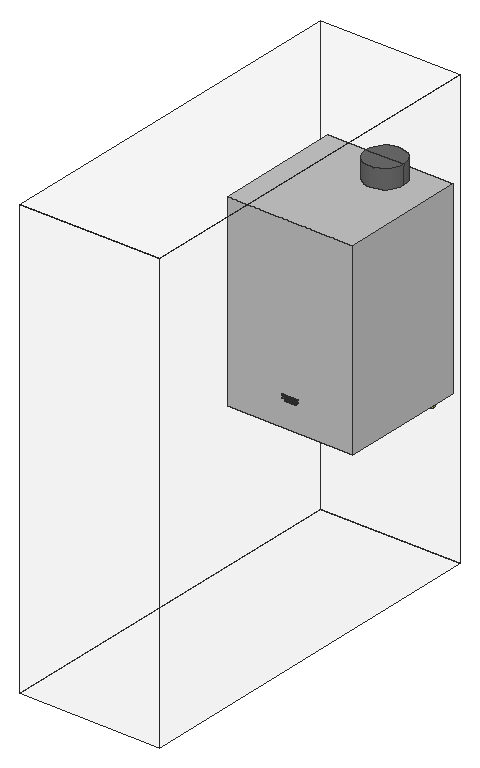
Revit family "Remeha_QuintaAce115_LOD3", category Mechanical Equipment, Revit 2016
Family settings
  Part Type = Normal
  Round Connector Dimension = Use Diameter
  OmniClass Number = 23.75.10.11.14
  OmniClass Title = Hot Water Heat Generators
  Work Plane-Based = No
  Always vertical = Yes
  Cut with Voids When Loaded = Yes
  Shared = No
  Room Calculation Point = No
Parameters (values of type "100/150 Concentric Flue Connection - 150 Connector")
  Weekly = ""
  Water Treatment Required = yes
  Water Content = 9.4 L
  Warranty ID = ""
  Voltage = 230 V
  URL = ""
  Type = "Space heating"
  Turndown Ratio = "5.46:1"
  Text Material = Paint - Black
  Supply Phase = 1
  Starting Current = 0 A
  Sound Pressure Level = "51.0"
  Shipping Weight = 76.50 kg
  Shape = "Rectangular (Vertical)"
  Safety Valve Connection Type = "Unset"
  Safety Valve Connection Size = 0.00 mm
  Responsible Sourcing of Materials = ""
  Responsible Extraction of Materials = ""
  Reference Standard = "GAR 2016/426, BED 92/42/EEC, ErP 2009/125/EC"
  Rated Output = 103900 W
  Rated Criteria = "80/60"
  Quarterly = ""
  Product Range = "Quinta Ace 115"
  Product Model Number = ""
  Product Literature = "https://www.remeha.co.uk/products/wall-hung-range/quinta-ace-30-115"
  Primary Fuel = "Gas - NG"
  Overall Width = 500.00 mm
  Overall Length = 500.00 mm
  Overall Height = 750.00 mm
  Optional Fuel = "LPG"
  Operation and Maintenance Manual = "https://www.remeha.co.uk/products/wall-hung-range/quinta-ace-30-115"
  Oil Consumption rate = 0
  Nominal Oil Inlet Pressure = 0.00000 bar
  Nominal Gas Inlet Pressure = 0.02000 bar
  NOx Emissions = "33"
  Mounting = "Wall Mounted"
  Monthly = ""
  Model = ""
  Minimum Power Consumption = 32 W
  Minimum Operating Pressure = 0.80000 bar
  Minimum Oil Inlet Pressure = 0.00000 bar
  Minimum Gas Inlet Pressure = 0.01700 bar
  Minimum Flow Rate at 20C temperature differential = 1.24 L/s
  Minimum Flow Rate at 11C temperature differential = 2.26 L/s
  Maximum Power Consumption = 182 W
  Maximum Operating Pressure = 4.00000 bar
  Maximum Oil Inlet Pressure = 0.00000 bar
  Maximum Gas Inlet Pressure = 0.02500 bar
  Material Ingredient Reporting = ""
  Manufacturer Website = "www.remeha.co.uk"
  Manufacturer = "Remeha Commercial"
  Maintenance Required 8001 to 12000hrs = ""
  Maintenance Required 601 to 1000hrs = ""
  Maintenance Required 4001 to 8000hrs = ""
  Maintenance Required 301 to 600hrs = ""
  Maintenance Required 2001 to 4000hrs = ""
  Maintenance Required 1001 to 2000hrs = ""
  Maintenance Required 0 to 300hrs = ""
  Location of Manufacturer = ""
  Load Classification = none
  Life Cycle Analysis = ""
  Interlocks = yes
  IfcExportType = "NOTDEFINED"  # constant formula
  IfcExportAs = "IfcBoilerType"  # constant formula
  IP Rating = "X4D"
  IK Rating = "Not Required"
  Hydraulic Resistance at 20C temperature differential = 0.25000 bar
  Hydraulic Resistance at 11C temperature differential = 0.82600 bar
  Heater Operation = "Condensing"
  Heat Exchanger Material = "Aluminium"
  Gross Weight = 74.60 kg
  Green Guide for Specification = ""
  Gas Consumption rate = "11.3"
  Fuse Rating = 2.5 A
  Full Load Current = 0 A
  Fuel Connection Type = "Threaded"
  Fuel Connection Size = 20.00 mm
  Frequency = 50 Hz
  Flue or Air Intake Classification = "B23P,B33,C13,C33,C53,C63,C93"
  Flue Radius = Air Inlet Connection Size / 2  # 75.00 mm
  Flue Connector Size = 150 mm
  Flue Connection size = 100.00 mm
  Flow and Return Connection Type = "Threaded"
  Flow and Return Connection Size = 32.00 mm
  Finish = "High Polish Gardner 60 GRAD 91EH"
  Features = "Remeha's Quinta Pro range are compact high efficiency wall hung condensing boilers. Lighter and more efficienct, their small size make them ideally suited to modular arrangments"
  External Material = "Steel"
  Expected Life = "15"
  ErP Seasonal Efficiency = ""
  ErP Rated Efficiency at Part Load = "97.3"
  ErP Rated Efficiency at Full Load = "87.5"
  ErP Energy Label = "0"
  Environmental Product Declaration = ""
  Energy Technology List = "0"
  Embodied Carbon = ""
  Drain Connection Type = "Unset"
  Drain Connection Size = 25.00 mm
  Description = ""
  Daily = ""
  Control Type = "'0 - 10V, Open Therm, Volt free enable, Direct boiler weather compensating control systems available from Remeha as optional extra's."
  Configuration = "Single boiler"
  Condensate Drain Type = "Plain"
  Condensate Drain Size = 32.00 mm
  Colour = "RAL 9016"
  Clearance Box Visibility [instance] = yes
  Classification.Uniclass.Pr.Number [instance] = "Pr_60_60_08_34"
  Classification.Uniclass.Pr.Description [instance] = "Gas fired Condensing Boilers"
  CE Mark = "0063CS3928"
  Burner Control Type = "Modulating"
  Building Regulations Seasonal Efficiency = "95.44"
  Bespoke Timeframe = ""
  BMS Links = yes
  Annually = "As Per Attached URL O&M Manual"
  Air Inlet Connection Size = 150.00 mm
  Additional Technical Details = "https://www.remeha.co.uk/products/wall-hung-range/quinta-ace-30-115"
  Access Clearance Top = 400.00 mm
  Access Clearance Right = 30.00 mm
  Access Clearance Rear = 0.00 mm
  Access Clearance Left = 30.00 mm
  Access Clearance Front = 1000.00 mm
  Access Clearance Bottom = 600.00 mm
  6 Monthly = ""
Types (2, lengths in mm): name | Flue Connector Size
  100/150 Conventional Flue Connection - 100 Connector | 100
  100/150 Concentric Flue Connection - 150 Connector | 150
Reference planes
  plane 1 "Center (Front/Back)": y = 0
  plane 2: z = 0
  plane 3 "Center (Left/Right)": x = 0
  plane 4: y = -50
  plane 5: y = -75
  plane 6: x = -115
  plane 7: x = 59
  plane 8: x = 119.4
  plane 9: x = 200
  plane 10: x = 250
  plane 11: y = -101
  plane 12: x = -250
  plane 13: y = -500
  plane 14: x = -280
  plane 15: x = 280
  plane 16: y = -1500
  plane 17: y = 0
  plane 18: z = 750
  plane 19: z = 1150
  plane 20: z = -600
  plane 21: z = 824.467
Forms (mm)
  Sweep 1, solid, material "101_240_115"
    path origin (453.507, -50, 3000) x (1, 0, 0) y (0, 0, 1)
      loop
        line (-568.507, -3039.462) -> (-568.507, -3000)
    profile origin (-115, -50, -19.731) x (-1, 0, 0) y (0, -1, 0)
      loop
        circle (0, 0) r 21.2
  Sweep 2, solid
    path origin (453.507, -75, 3000) x (1, 0, 0) y (0, 0, 1)
      loop
        line (-394.507, -3012.462) -> (-394.507, -3000)
    profile origin (59, -75, -6.231) x (-1, 0, 0) y (0, -1, 0)
      loop
        circle (0, 0) r 16.25
  Sweep 3, solid, material "229_0_0"
    path origin (687.907, -50, 3000) x (1, 0, 0) y (0, 0, 1)
      loop
        line (-568.507, -3039.662) -> (-568.507, -3000)
    profile origin (119.4, -50, -19.831) x (-1, 0, 0) y (0, -1, 0)
      loop
        circle (0, 0) r 21.2
  Sweep 4, solid, material "229_229_0"
    path origin (768.507, -50, 3000) x (1, 0, 0) y (0, 0, 1)
      loop
        line (-568.507, -3040) -> (-568.507, -3000)
    profile origin (200, -50, -20) x (-1, 0, 0) y (0, -1, 0)
      loop
        circle (0, 0) r 13.5
  Revolve 5, solid, material "51_51_51"
    sketch origin (453.507, -101, 2990) x (1, 0, 0) y (0, 0, 1)
      loop
        line (-394.507, -2240) -> (-319.507, -2240) -> (-319.507, -2165.533) -> (-394.507, -2165.533) -> (-394.507, -2240)
      axis (-394.507, -2165.533) -> (-394.507, -2240)
    angle from 0 to 360
  Extrusion 6, solid, material "192_192_192"
    sketch origin (0, 5.687, 0) x (1, 0, 0) y (0, 1, 0)
      loop
        line (-250, -5.687) -> (-250, -505.688) -> (250, -505.688) -> (250, -5.687) -> (-250, -5.687)
    from 0 to 750
  Extrusion 7, solid, material "Clearance", visible <- "Clearance Box Visibility"
    sketch origin (0, 0, 0) x (1, 0, 0) y (0, 1, 0)
      loop
        line (-280, 0) -> (-280, -1500) -> (280, -1500) -> (280, 0) -> (-280, 0)
    from -600 to 1150
  Extrusion 8, solid, material "Paint - Black" <- "Text Material"
    sketch origin (0, 0, 0) x (1, 0, 0) y (0, 0, 1)
      loop
        line (-30.625, 120.395) -> (-30.625, 118.213) -> (30.625, 118.213) -> (30.625, 120.395) -> (-30.625, 120.395)
      loop
        line (-30.625, 106.032) -> (30.625, 106.032) -> (30.625, 108.213) -> (-30.625, 108.213) -> (-30.625, 106.032)
      loop
        line (-28.307, 116.676) -> (-28.307, 109.282) -> (-20.805, 109.282) -> (-20.805, 112.183) -> (-19.053, 112.183)
        arc (-19.053, 112.183) -> (-18.314, 111.847) -> (-18.083, 111.068) r 0.979
        arc (-18.083, 111.068) -> (-18.083, 110.157) -> (-17.832, 109.282) r 3.272
        line (-17.832, 109.282) -> (-16.376, 109.282)
        arc (-16.376, 109.282) -> (-16.561, 110.336) -> (-16.618, 111.404) r 8.915
        arc (-16.618, 111.404) -> (-16.885, 112.268) -> (-17.601, 112.822) r 1.5
        arc (-17.601, 112.822) -> (-16.323, 115.034) -> (-18.28, 116.676) r 1.987
        line (-18.28, 116.676) -> (-20.805, 116.676) -> (-28.307, 116.676)
      loop
        line (-20.805, 115.402) -> (-20.805, 113.382) -> (-18.787, 113.382)
        arc (-18.787, 113.382) -> (-18.37, 113.534) -> (-18.148, 113.918) r 0.649
        arc (-18.148, 113.918) -> (-18.033, 114.426) -> (-18.159, 114.93) r 1.124
        arc (-18.159, 114.93) -> (-18.505, 115.276) -> (-18.976, 115.402) r 0.944
        line (-18.976, 115.402) -> (-20.805, 115.402)
      loop
        line (-26.948, 115.402) -> (-26.948, 110.655) -> (-22.202, 110.655) -> (-22.202, 115.402) -> (-26.948, 115.402)
      loop
        line (-9.068, 114.754) -> (-10.47, 114.754) -> (-10.47, 109.282) -> (-8.958, 109.282) -> (-8.958, 112.222)
        arc (-8.958, 112.222) -> (-8.681, 113.022) -> (-7.968, 113.478) r 1.291
        arc (-7.968, 113.478) -> (-7.458, 113.497) -> (-6.98, 113.316) r 1.291
        line (-6.98, 113.316) -> (-6.98, 114.889)
        arc (-6.98, 114.889) -> (-8.226, 114.723) -> (-9.068, 113.79) r 1.823
        line (-9.068, 113.79) -> (-9.068, 114.754)
      loop
        line (-5.139, 111.705) -> (-1.277, 111.705)
        arc (-1.277, 111.705) -> (-3.967, 114.88) -> (-6.562, 111.627) r 2.694
        arc (-6.562, 111.627) -> (-4.23, 109.192) -> (-1.394, 111.016) r 2.651
        line (-1.394, 111.016) -> (-2.704, 111.016)
        arc (-2.704, 111.016) -> (-4.224, 110.293) -> (-5.139, 111.705) r 1.276
      loop
        line (-5.147, 112.62) -> (-2.707, 112.62)
        arc (-2.707, 112.62) -> (-3.927, 113.841) -> (-5.147, 112.62) r 1.22
      loop
        line (1.337, 113.988) -> (1.337, 114.776) -> (-0.066, 114.776) -> (-0.066, 109.389) -> (1.396, 109.389) -> (1.396, 112.819)
        arc (1.396, 112.819) -> (2.357, 113.78) -> (3.318, 112.819) r 0.961
        line (3.318, 112.819) -> (3.318, 109.389) -> (4.781, 109.389) -> (4.781, 112.819)
        arc (4.781, 112.819) -> (5.723, 113.761) -> (6.665, 112.819) r 0.942
        line (6.665, 112.819) -> (6.665, 109.389) -> (8.107, 109.389) -> (8.107, 112.925)
        arc (8.107, 112.925) -> (8.131, 113.503) -> (7.91, 114.038) r 1.349
        arc (7.91, 114.038) -> (6.224, 114.92) -> (4.538, 114.038) r 2.053
        arc (4.538, 114.038) -> (2.923, 114.936) -> (1.337, 113.988) r 1.848
      loop
        line (10.835, 111.705) -> (14.697, 111.705)
        arc (14.697, 111.705) -> (12.007, 114.88) -> (9.413, 111.627) r 2.694
        arc (9.413, 111.627) -> (11.745, 109.192) -> (14.58, 111.016) r 2.651
        line (14.58, 111.016) -> (13.271, 111.016)
        arc (13.271, 111.016) -> (11.751, 110.293) -> (10.835, 111.705) r 1.276
      loop
        line (10.827, 112.62) -> (13.268, 112.62)
        arc (13.268, 112.62) -> (12.048, 113.841) -> (10.827, 112.62) r 1.22
      loop
        line (17.364, 116.805) -> (15.821, 116.805) -> (15.821, 109.416) -> (17.364, 109.416) -> (17.364, 112.62)
        arc (17.364, 112.62) -> (18.386, 113.878) -> (19.408, 112.62) r 1.044
        line (19.408, 112.62) -> (19.408, 109.416) -> (20.934, 109.416) -> (20.934, 113.081)
        arc (20.934, 113.081) -> (19.516, 114.929) -> (17.364, 114.038) r 1.913
        line (17.364, 114.038) -> (17.364, 116.805)
      loop
        line (22.242, 113.094) -> (23.722, 113.094)
        arc (23.722, 113.094) -> (23.883, 113.574) -> (24.311, 113.847) r 0.76
        arc (24.311, 113.847) -> (24.781, 113.923) -> (25.255, 113.868) r 1.739
        arc (25.255, 113.868) -> (25.672, 113.375) -> (25.347, 112.817) r 0.559
        arc (25.347, 112.817) -> (24.586, 112.573) -> (23.79, 112.514) r 3.395
        arc (23.79, 112.514) -> (23.01, 112.359) -> (22.39, 111.862) r 1.672
        arc (22.39, 111.862) -> (22.047, 110.754) -> (22.507, 109.69) r 1.672
        arc (22.507, 109.69) -> (23.456, 109.312) -> (24.477, 109.296) r 2.817
        arc (24.477, 109.296) -> (25.226, 109.546) -> (25.673, 110.197) r 1.24
        arc (25.673, 110.197) -> (25.722, 109.795) -> (25.841, 109.407) r 2.328
        line (25.841, 109.407) -> (27.312, 109.407)
        arc (27.312, 109.407) -> (27.148, 109.949) -> (27.093, 110.512) r 2.901
        line (27.093, 110.512) -> (27.093, 113.568)
        arc (27.093, 113.568) -> (26.736, 114.43) -> (25.874, 114.787) r 1.219
        arc (25.874, 114.787) -> (24.773, 114.91) -> (23.672, 114.787) r 4.994
        arc (23.672, 114.787) -> (22.673, 114.18) -> (22.242, 113.094) r 1.837
      loop
        arc (23.575, 111.229) -> (23.583, 110.746) -> (23.888, 110.371) r 0.737
        arc (23.888, 110.371) -> (24.388, 110.254) -> (24.895, 110.337) r 1.324
        arc (24.895, 110.337) -> (25.433, 110.755) -> (25.637, 111.405) r 1.14
        line (25.637, 111.405) -> (25.637, 112.191)
        arc (25.637, 112.191) -> (25.209, 111.86) -> (24.672, 111.801) r 0.999
        arc (24.672, 111.801) -> (24.028, 111.698) -> (23.575, 111.229) r 1.029
      loop
        line (-14.73, 105.293) -> (-14.73, 102.893)
        arc (-14.73, 102.893) -> (-14.262, 101.761) -> (-13.13, 101.293) r 1.6
        line (-13.13, 101.293) -> (-11.33, 101.293)
        arc (-11.33, 101.293) -> (-10.199, 101.761) -> (-9.73, 102.893) r 1.6
        line (-9.73, 102.893) -> (-9.73, 105.293) -> (-10.73, 105.293) -> (-10.73, 102.893)
        arc (-10.73, 102.893) -> (-10.965, 102.327) -> (-11.53, 102.093) r 0.8
        line (-11.53, 102.093) -> (-12.93, 102.093)
        arc (-12.93, 102.093) -> (-13.496, 102.327) -> (-13.73, 102.893) r 0.8
        line (-13.73, 102.893) -> (-13.73, 105.293) -> (-14.73, 105.293)
      loop
        line (23.957, 105.293) -> (19.757, 105.293) -> (19.757, 101.293) -> (23.957, 101.293) -> (23.957, 102.093) -> (20.757, 102.093) -> (20.757, 102.893) -> (23.957, 102.893) -> (23.957, 103.693) -> (20.757, 103.693) -> (20.757, 104.493) -> (23.957, 104.493) -> (23.957, 105.293)
      loop
        line (14.257, 103.693) -> (14.257, 102.893)
        arc (14.257, 102.893) -> (14.726, 101.761) -> (15.857, 101.293) r 1.6
        line (15.857, 101.293) -> (17.657, 101.293)
        arc (17.657, 101.293) -> (18.789, 101.761) -> (19.257, 102.893) r 1.6
        line (19.257, 102.893) -> (18.257, 102.893)
        arc (18.257, 102.893) -> (18.023, 102.327) -> (17.457, 102.093) r 0.8
        line (17.457, 102.093) -> (16.057, 102.093)
        arc (16.057, 102.093) -> (15.492, 102.327) -> (15.257, 102.893) r 0.8
        line (15.257, 102.893) -> (15.257, 103.693)
        arc (15.257, 103.693) -> (15.492, 104.259) -> (16.057, 104.493) r 0.8
        line (16.057, 104.493) -> (17.457, 104.493)
        arc (17.457, 104.493) -> (18.023, 104.259) -> (18.257, 103.693) r 0.8
        line (18.257, 103.693) -> (19.257, 103.693)
        arc (19.257, 103.693) -> (18.789, 104.824) -> (17.657, 105.293) r 1.6
        line (17.657, 105.293) -> (15.857, 105.293)
        arc (15.857, 105.293) -> (14.726, 104.824) -> (14.257, 103.693) r 1.6
      loop
        line (10.851, 105.293) -> (9.07, 101.293) -> (10.164, 101.293) -> (10.521, 102.093) -> (12.619, 102.093) -> (12.975, 101.293) -> (14.07, 101.293) -> (12.289, 105.293) -> (10.851, 105.293)
      loop
        line (10.877, 102.893) -> (12.263, 102.893) -> (11.57, 104.449) -> (10.877, 102.893)
      loop
        line (-20.23, 103.693) -> (-20.23, 102.893)
        arc (-20.23, 102.893) -> (-19.762, 101.761) -> (-18.63, 101.293) r 1.6
        line (-18.63, 101.293) -> (-16.83, 101.293)
        arc (-16.83, 101.293) -> (-16.428, 101.344) -> (-16.052, 101.495) r 1.6
        line (-16.052, 101.495) -> (-15.593, 100.84) -> (-14.937, 101.299) -> (-15.467, 102.055)
        arc (-15.467, 102.055) -> (-15.291, 102.458) -> (-15.23, 102.893) r 1.6
        line (-15.23, 102.893) -> (-15.23, 103.693)
        arc (-15.23, 103.693) -> (-15.699, 104.824) -> (-16.83, 105.293) r 1.6
        line (-16.83, 105.293) -> (-18.63, 105.293)
        arc (-18.63, 105.293) -> (-19.762, 104.824) -> (-20.23, 103.693) r 1.6
      loop
        line (-19.23, 103.693) -> (-19.23, 102.893)
        arc (-19.23, 102.893) -> (-18.996, 102.327) -> (-18.43, 102.093) r 0.8
        line (-18.43, 102.093) -> (-17.03, 102.093)
        arc (-17.03, 102.093) -> (-16.465, 102.327) -> (-16.23, 102.893) r 0.8
        line (-16.23, 102.893) -> (-16.23, 103.693)
        arc (-16.23, 103.693) -> (-16.465, 104.259) -> (-17.03, 104.493) r 0.8
        line (-17.03, 104.493) -> (-18.43, 104.493)
        arc (-18.43, 104.493) -> (-18.996, 104.259) -> (-19.23, 103.693) r 0.8
      loop
        line (-9.23, 105.293) -> (-9.23, 101.293) -> (-8.23, 101.293) -> (-8.23, 105.293) -> (-9.23, 105.293)
      loop
        line (-7.73, 105.293) -> (-7.73, 101.293) -> (-6.73, 101.293) -> (-6.73, 104.493) -> (-4.405, 101.293) -> (-2.73, 101.293) -> (-2.73, 105.293) -> (-3.73, 105.293) -> (-3.73, 102.093) -> (-6.055, 105.293) -> (-7.73, 105.293)
      loop
        line (-2.23, 105.293) -> (-2.23, 104.493) -> (-0.23, 104.493) -> (-0.23, 101.293) -> (0.77, 101.293) -> (0.77, 104.493) -> (2.77, 104.493) -> (2.77, 105.293) -> (-2.23, 105.293)
      loop
        line (3.851, 105.293) -> (2.07, 101.293) -> (3.164, 101.293) -> (3.521, 102.093) -> (5.619, 102.093) -> (5.975, 101.293) -> (7.07, 101.293) -> (5.289, 105.293) -> (3.851, 105.293)
      loop
        line (3.877, 102.893) -> (5.263, 102.893) -> (4.57, 104.449) -> (3.877, 102.893)
    from 500 to 502
Dimensions and locks
  locked: plane 4 to plane 1 "Center (Front/Back)" at 50
  locked: plane 5 to plane 1 "Center (Front/Back)" at 75
  locked: plane 9 to plane 10 at 50
  locked: plane 8 to plane 10 at 130.6
  locked: plane 7 to plane 10 at 191
  locked: plane 6 to plane 10 at 365
  locked: plane 11 to plane 1 "Center (Front/Back)" at 101
  "Flue Radius": Revolve 5 sketch curve to plane 7
  equal spacing: plane 12, plane 3 "Center (Left/Right)", plane 10
  locked: plane 13 to plane 1 "Center (Front/Back)" at 500
  "Access Clearance Front": plane 16 to plane 13
  "Access Clearance Rear": plane 1 "Center (Front/Back)" to plane 17
  locked: plane 12 to plane 10 at 500
  "Access Clearance Right": plane 10 to plane 15
  "Access Clearance Left": plane 14 to plane 12
  "Overall Height": plane 18 to plane 2
  "Access Clearance Bottom": plane 2 to plane 20
  "Access Clearance Top": plane 19 to plane 18
  locked: plane 21 to plane 18 at 74.467
  plane 3 "Center (Left/Right)" to Extrusion 7 = 280.00 mm
  aligned and locked: level to plane 2
  aligned and locked: plane 6 to Sweep 1 sketch curve
  aligned and locked: profile plane to Sweep 1 sketch curve  (x2)
  aligned and locked: profile plane to Sweep 2 sketch curve  (x2)
  aligned and locked: Sweep 2 sketch curve to plane 7
  aligned and locked: profile plane to Sweep 3 sketch curve  (x2)
  aligned and locked: plane 8 to Sweep 3 sketch curve
  aligned and locked: profile plane to Sweep 4 sketch curve  (x2)
  aligned and locked: plane 9 to Sweep 4 sketch curve
  aligned and locked: Revolve 5 sketch curve to plane 7
  aligned and locked: plane 17 to Extrusion 7 sketch curve
  aligned and locked: plane 14 to Extrusion 7 sketch curve
  aligned and locked: Extrusion 7 sketch curve to plane 15
  aligned and locked: Extrusion 7 sketch curve to plane 16
  aligned and locked: Revolve 5 to plane 21
  aligned and locked: Revolve 5 to plane 18
  aligned and locked: Extrusion 7 to plane 19
  aligned and locked: plane 13 to Extrusion 6 sketch curve
  aligned and locked: Extrusion 6 sketch curve to plane 12
  aligned and locked: plane 10 to Extrusion 6 sketch curve
  aligned and locked: plane 1 "Center (Front/Back)" to Extrusion 6 sketch curve
Automatic sketch dimensions
  Sweep 1 sketch curve to level = 0.00 mm
  Sweep 1 sketch curve to level = 39.462 mm
  Sweep 2 sketch curve to level = 0.00 mm
  Sweep 2 sketch curve to level = 12.462 mm
  Sweep 3 sketch curve to level = 0.00 mm
  Sweep 3 sketch curve to Sweep 3 sketch curve = 39.662 mm
  Sweep 4 sketch curve to level = 0.00 mm
  Sweep 4 sketch curve to Sweep 4 sketch curve = 40.00 mm
  Extrusion 8 sketch curve to Extrusion 8 sketch curve = 0.00 mm  (x35)
  Extrusion 8 sketch curve to plane 3 "Center (Left/Right)" = 30.625 mm
  Extrusion 8 sketch curve to Extrusion 8 sketch curve = 2.318 mm
  Extrusion 8 sketch curve to Extrusion 8 sketch curve = 1.36 mm
  Extrusion 8 sketch curve to Extrusion 8 sketch curve = 4.746 mm
  Extrusion 8 sketch curve to Extrusion 8 sketch curve = 1.397 mm  (x2)
  Extrusion 8 sketch curve to Extrusion 8 sketch curve = 0.575 mm
  Extrusion 8 sketch curve to Extrusion 8 sketch curve = 1.00 mm  (x9)
  Extrusion 8 sketch curve to Extrusion 8 sketch curve = 1.648 mm
  Extrusion 8 sketch curve to Extrusion 8 sketch curve = 1.752 mm
  Extrusion 8 sketch curve to Extrusion 8 sketch curve = 0.18 mm
  Extrusion 8 sketch curve to Extrusion 8 sketch curve = 0.19 mm
  Extrusion 8 sketch curve to Extrusion 8 sketch curve = 0.60 mm  (x9)
  Extrusion 8 sketch curve to Extrusion 8 sketch curve = 0.20 mm  (x10)
  Extrusion 8 sketch curve to Extrusion 8 sketch curve = 0.696 mm
  Extrusion 8 sketch curve to Extrusion 8 sketch curve = 0.935 mm
  Extrusion 8 sketch curve to Extrusion 8 sketch curve = 0.286 mm  (x2)
  Extrusion 8 sketch curve to Extrusion 8 sketch curve = 1.40 mm  (x3)
  Extrusion 8 sketch curve to Extrusion 8 sketch curve = 1.456 mm
  Extrusion 8 sketch curve to Extrusion 8 sketch curve = 0.779 mm
  Extrusion 8 sketch curve to Extrusion 8 sketch curve = 0.459 mm
  Extrusion 8 sketch curve to Extrusion 8 sketch curve = 0.584 mm
  Extrusion 8 sketch curve to Extrusion 8 sketch curve = 0.655 mm
  Extrusion 8 sketch curve to Extrusion 8 sketch curve = 1.533 mm
  Extrusion 8 sketch curve to Extrusion 8 sketch curve = 0.50 mm  (x5)
  Extrusion 8 sketch curve to Extrusion 8 sketch curve = 4.373 mm
  Extrusion 8 sketch curve to Extrusion 8 sketch curve = 1.402 mm
  Extrusion 8 sketch curve to Extrusion 8 sketch curve = 1.512 mm
  Extrusion 8 sketch curve to Extrusion 8 sketch curve = 1.255 mm
  Extrusion 8 sketch curve to Extrusion 8 sketch curve = 0.036 mm
  Extrusion 8 sketch curve to Extrusion 8 sketch curve = 0.29 mm
  Extrusion 8 sketch curve to Extrusion 8 sketch curve = 0.396 mm
  Extrusion 8 sketch curve to Extrusion 8 sketch curve = 0.675 mm  (x2)
  Extrusion 8 sketch curve to Extrusion 8 sketch curve = 1.833 mm
  Extrusion 8 sketch curve to Extrusion 8 sketch curve = 0.008 mm  (x2)
  Extrusion 8 sketch curve to Extrusion 8 sketch curve = 2.325 mm
  Extrusion 8 sketch curve to Extrusion 8 sketch curve = 1.22 mm  (x2)
  Extrusion 8 sketch curve to Extrusion 8 sketch curve = 0.001 mm  (x2)
  Extrusion 8 sketch curve to Extrusion 8 sketch curve = 0.009 mm  (x2)
  Extrusion 8 sketch curve to Extrusion 8 sketch curve = 0.043 mm  (x2)
  Extrusion 8 sketch curve to Extrusion 8 sketch curve = 1.172 mm  (x2)
  Extrusion 8 sketch curve to Extrusion 8 sketch curve = 1.31 mm  (x2)
  Extrusion 8 sketch curve to Extrusion 8 sketch curve = 0.117 mm  (x2)
  Extrusion 8 sketch curve to plane 3 "Center (Left/Right)" = 0.23 mm
  Extrusion 8 sketch curve to plane 3 "Center (Left/Right)" = 0.066 mm
  plane 3 "Center (Left/Right)" to Extrusion 8 sketch curve = 0.77 mm
  plane 3 "Center (Left/Right)" to Extrusion 8 sketch curve = 1.337 mm
  plane 3 "Center (Left/Right)" to Extrusion 8 sketch curve = 1.396 mm
  Extrusion 8 sketch curve to Extrusion 8 sketch curve = 1.30 mm
  Extrusion 8 sketch curve to Extrusion 8 sketch curve = 0.961 mm
  Extrusion 8 sketch curve to Extrusion 8 sketch curve = 2.00 mm  (x2)
  Extrusion 8 sketch curve to Extrusion 8 sketch curve = 0.366 mm
  Extrusion 8 sketch curve to Extrusion 8 sketch curve = 1.095 mm  (x4)
  Extrusion 8 sketch curve to Extrusion 8 sketch curve = 0.356 mm  (x8)
  Extrusion 8 sketch curve to Extrusion 8 sketch curve = 1.081 mm
  Extrusion 8 sketch curve to Extrusion 8 sketch curve = 0.719 mm  (x4)
  Extrusion 8 sketch curve to Extrusion 8 sketch curve = 1.463 mm
  Extrusion 8 sketch curve to Extrusion 8 sketch curve = 1.386 mm  (x2)
  Extrusion 8 sketch curve to Extrusion 8 sketch curve = 0.942 mm
  Extrusion 8 sketch curve to Extrusion 8 sketch curve = 0.441 mm
  Extrusion 8 sketch curve to Extrusion 8 sketch curve = 0.137 mm
  Extrusion 8 sketch curve to Extrusion 8 sketch curve = 1.304 mm
  Extrusion 8 sketch curve to Extrusion 8 sketch curve = 2.721 mm
  Extrusion 8 sketch curve to Extrusion 8 sketch curve = 0.33 mm
  Extrusion 8 sketch curve to Extrusion 8 sketch curve = 1.995 mm  (x2)
  Extrusion 8 sketch curve to Extrusion 8 sketch curve = 2.553 mm
  Extrusion 8 sketch curve to Extrusion 8 sketch curve = 1.542 mm  (x2)
  Extrusion 8 sketch curve to Extrusion 8 sketch curve = 1.022 mm
  Extrusion 8 sketch curve to Extrusion 8 sketch curve = 0.635 mm
  Extrusion 8 sketch curve to Extrusion 8 sketch curve = 0.388 mm
  Extrusion 8 sketch curve to Extrusion 8 sketch curve = 1.50 mm
  Extrusion 8 sketch curve to Extrusion 8 sketch curve = 1.526 mm
  Extrusion 8 sketch curve to Extrusion 8 sketch curve = 1.309 mm
  Extrusion 8 sketch curve to Extrusion 8 sketch curve = 1.474 mm
  Extrusion 8 sketch curve to Extrusion 8 sketch curve = 1.48 mm
  Extrusion 8 sketch curve to Extrusion 8 sketch curve = 0.217 mm
  Extrusion 8 sketch curve to Extrusion 8 sketch curve = 3.20 mm  (x2)
  Extrusion 8 sketch curve to Extrusion 8 sketch curve = 0.355 mm
  Extrusion 8 sketch curve to Extrusion 8 sketch curve = 0.558 mm
  Extrusion 8 sketch curve to Extrusion 8 sketch curve = 0.158 mm
  Extrusion 8 sketch curve to Extrusion 8 sketch curve = 0.205 mm
  Extrusion 8 sketch curve to Extrusion 8 sketch curve = 0.406 mm
  Extrusion 8 sketch curve to Extrusion 8 sketch curve = 0.064 mm
  Extrusion 8 sketch curve to Extrusion 8 sketch curve = 0.024 mm
  Extrusion 8 sketch curve to Extrusion 8 sketch curve = 0.293 mm
  Extrusion 8 sketch curve to Extrusion 8 sketch curve = 0.386 mm
  Extrusion 8 sketch curve to Extrusion 8 sketch curve = 0.353 mm
  Extrusion 8 sketch curve to Extrusion 8 sketch curve = 0.28 mm
  Extrusion 8 sketch curve to Extrusion 8 sketch curve = 0.818 mm
  Extrusion 8 sketch curve to Extrusion 8 sketch curve = 1.068 mm
  Extrusion 8 sketch curve to Extrusion 8 sketch curve = 0.759 mm
  Extrusion 8 sketch curve to Extrusion 8 sketch curve = 1.219 mm
  Extrusion 8 sketch curve to Extrusion 8 sketch curve = 0.219 mm
  Extrusion 8 sketch curve to Extrusion 8 sketch curve = 0.906 mm
  Extrusion 8 sketch curve to Extrusion 8 sketch curve = 4.751 mm
  Extrusion 8 sketch curve to Extrusion 8 sketch curve = 0.631 mm
  level to Extrusion 8 sketch curve = 100.84 mm
  Extrusion 8 sketch curve to Extrusion 8 sketch curve = 0.453 mm  (x3)
  Extrusion 8 sketch curve to Extrusion 8 sketch curve = 0.80 mm  (x16)
  Extrusion 8 sketch curve to Extrusion 8 sketch curve = 1.556 mm  (x2)
  Extrusion 8 sketch curve to Extrusion 8 sketch curve = 2.40 mm  (x2)
  Extrusion 8 sketch curve to Extrusion 8 sketch curve = 0.044 mm
  Extrusion 8 sketch curve to Extrusion 8 sketch curve = 1.60 mm
  Extrusion 8 sketch curve to Extrusion 8 sketch curve = 0.844 mm
  Extrusion 8 sketch curve to Extrusion 8 sketch curve = 2.339 mm
  Extrusion 8 sketch curve to Extrusion 8 sketch curve = 2.181 mm  (x2)
  Extrusion 8 sketch curve to Extrusion 8 sketch curve = 3.989 mm  (x2)
  Extrusion 8 sketch curve to Extrusion 8 sketch curve = 1.069 mm
  Extrusion 8 sketch curve to Extrusion 8 sketch curve = 4.096 mm
  Extrusion 8 sketch curve to Extrusion 8 sketch curve = 4.114 mm
  Extrusion 8 sketch curve to Extrusion 8 sketch curve = 4.124 mm
  Extrusion 8 sketch curve to Extrusion 8 sketch curve = 0.509 mm
  Extrusion 8 sketch curve to Extrusion 8 sketch curve = 0.234 mm
  Extrusion 8 sketch curve to Extrusion 8 sketch curve = 0.62 mm  (x2)
  Extrusion 8 sketch curve to Extrusion 8 sketch curve = 1.331 mm
  Extrusion 8 sketch curve to Extrusion 8 sketch curve = 1.374 mm
  Extrusion 8 sketch curve to Extrusion 8 sketch curve = 0.249 mm
  Extrusion 8 sketch curve to Extrusion 8 sketch curve = 0.059 mm
  Extrusion 8 sketch curve to Extrusion 8 sketch curve = 0.213 mm
  Extrusion 8 sketch curve to Extrusion 8 sketch curve = 1.599 mm
  Extrusion 8 sketch curve to Extrusion 8 sketch curve = 1.627 mm
  Extrusion 8 sketch curve to Extrusion 8 sketch curve = 1.922 mm
  Extrusion 8 sketch curve to Extrusion 8 sketch curve = 2.062 mm
  Extrusion 8 sketch curve to Extrusion 8 sketch curve = 0.346 mm
  Extrusion 8 sketch curve to Extrusion 8 sketch curve = 0.506 mm  (x2)
  Extrusion 8 sketch curve to Extrusion 8 sketch curve = 0.173 mm
  Extrusion 8 sketch curve to Extrusion 8 sketch curve = 0.303 mm  (x2)
  Extrusion 8 sketch curve to Extrusion 8 sketch curve = 0.496 mm
  Extrusion 8 sketch curve to Extrusion 8 sketch curve = 0.979 mm
  Extrusion 8 sketch curve to Extrusion 8 sketch curve = 0.606 mm
  Extrusion 8 sketch curve to Extrusion 8 sketch curve = 0.363 mm  (x2)
  Extrusion 8 sketch curve to Extrusion 8 sketch curve = 0.786 mm
  Extrusion 8 sketch curve to Extrusion 8 sketch curve = 0.879 mm
  Extrusion 8 sketch curve to Extrusion 8 sketch curve = 3.204 mm
  Extrusion 8 sketch curve to Extrusion 8 sketch curve = 0.434 mm  (x2)
  Extrusion 8 sketch curve to Extrusion 8 sketch curve = 0.603 mm
  Extrusion 8 sketch curve to Extrusion 8 sketch curve = 1.192 mm
  Extrusion 8 sketch curve to Extrusion 8 sketch curve = 0.214 mm
  Extrusion 8 sketch curve to Extrusion 8 sketch curve = 0.048 mm
  Extrusion 8 sketch curve to Extrusion 8 sketch curve = 0.106 mm
  Extrusion 8 sketch curve to Extrusion 8 sketch curve = 0.209 mm
  Extrusion 8 sketch curve to Extrusion 8 sketch curve = 0.461 mm
  Extrusion 8 sketch curve to Extrusion 8 sketch curve = 0.269 mm
  Extrusion 8 sketch curve to Extrusion 8 sketch curve = 0.012 mm
  Extrusion 8 sketch curve to Extrusion 8 sketch curve = 0.11 mm
  Extrusion 8 sketch curve to Extrusion 8 sketch curve = 0.206 mm
  Extrusion 8 sketch curve to Extrusion 8 sketch curve = 0.45 mm
  Extrusion 8 sketch curve to Extrusion 8 sketch curve = 0.539 mm
  Extrusion 8 sketch curve to Extrusion 8 sketch curve = 1.198 mm
  Extrusion 8 sketch curve to Extrusion 8 sketch curve = 0.242 mm
  Extrusion 8 sketch curve to Extrusion 8 sketch curve = 1.568 mm
  Extrusion 8 sketch curve to Extrusion 8 sketch curve = 1.169 mm
  Extrusion 8 sketch curve to Extrusion 8 sketch curve = 0.649 mm
  Extrusion 8 sketch curve to Extrusion 8 sketch curve = 0.382 mm
  Extrusion 8 sketch curve to Extrusion 8 sketch curve = 0.046 mm
  Extrusion 8 sketch curve to Extrusion 8 sketch curve = 0.23 mm
  Extrusion 8 sketch curve to Extrusion 8 sketch curve = 0.963 mm
  Extrusion 8 sketch curve to Extrusion 8 sketch curve = 0.788 mm
  Extrusion 8 sketch curve to Extrusion 8 sketch curve = 4.747 mm
  Extrusion 8 sketch curve to Extrusion 8 sketch curve = 1.119 mm
  Extrusion 8 sketch curve to Extrusion 8 sketch curve = 1.274 mm
  Extrusion 8 sketch curve to Extrusion 8 sketch curve = 2.767 mm
  Extrusion 8 sketch curve to Extrusion 8 sketch curve = 4.645 mm
  Extrusion 8 sketch curve to Extrusion 8 sketch curve = 0.121 mm
  Extrusion 8 sketch curve to Extrusion 8 sketch curve = 0.547 mm
  Extrusion 8 sketch curve to Extrusion 8 sketch curve = 0.591 mm
  Extrusion 8 sketch curve to Extrusion 8 sketch curve = 0.243 mm
  Extrusion 8 sketch curve to Extrusion 8 sketch curve = 0.148 mm
  Extrusion 8 sketch curve to Extrusion 8 sketch curve = 1.573 mm
  Extrusion 8 sketch curve to Extrusion 8 sketch curve = 0.141 mm
  Extrusion 8 sketch curve to Extrusion 8 sketch curve = 0.218 mm
  Extrusion 8 sketch curve to Extrusion 8 sketch curve = 0.171 mm
  Extrusion 8 sketch curve to Extrusion 8 sketch curve = 0.172 mm
  Extrusion 8 sketch curve to Extrusion 8 sketch curve = 0.296 mm
  Revolve 5 sketch curve to plane 7 = 0.00 mm
  Revolve 5 sketch curve to plane 18 = 0.00 mm
  Revolve 5 sketch curve to plane 21 = 0.00 mm
  plane 18 to Revolve 5 sketch curve = 33.884 mm
  Revolve 5 sketch curve to plane 19 = 29.116 mm
  radius of Sweep 1 sketch curve = 21.20 mm
  radius of Sweep 2 sketch curve = 16.25 mm
  radius of Sweep 3 sketch curve = 21.20 mm
  radius of Sweep 4 sketch curve = 13.50 mm
Connectors
  piping at (-115, -50, -39.462), diameter 32, driven by "Flow and Return Connection Size"
    settings: on Sweep 1, index 1, connector inside diameter 609.6 mm, connector length 0.00 mm, flow factor 0, pipe flow 0.0 L/s, pressure drop 0.00000 bar, fitting loss kfactor 0, connector angle 0.00°, fixture units 0, engagement length 0.00 mm, angle of deflection 0.00°, flow configuration 1, flow direction 1, fitting loss method 0, system type 20, joint type 0, gender type 0, connector reference index -1, connector utility 0, adjustable connector no, is connector primary yes, connector description "Return"
  piping at (119.4, -50, -39.662), diameter 32, driven by "Flow and Return Connection Size"
    settings: on Sweep 3, index 2, connector inside diameter 609.6 mm, connector length 0.00 mm, flow factor 0, pipe flow 0.0 L/s, pressure drop 0.00000 bar, fitting loss kfactor 0, connector angle 0.00°, fixture units 0, engagement length 0.00 mm, angle of deflection 0.00°, flow configuration 0, flow direction 2, fitting loss method 0, system type 19, joint type 0, gender type 0, connector reference index -1, connector utility 0, adjustable connector no, is connector primary no, connector description "Flow"
  piping at (200, -50, -40), diameter 20, driven by "Fuel Connection Size"
    settings: on Sweep 4, index 3, connector inside diameter 609.6 mm, connector length 0.00 mm, flow factor 0, pipe flow 0.0 L/s, pressure drop 0.00000 bar, fitting loss kfactor 0, connector angle 0.00°, fixture units 0, engagement length 0.00 mm, angle of deflection 0.00°, flow configuration 1, flow direction 1, fitting loss method 0, system type 22, joint type 0, gender type 0, connector reference index -1, connector utility 0, adjustable connector no, is connector primary no, connector description "Fuel"
  piping at (59, -75, -12.462), diameter 25, driven by "Drain Connection Size"
    settings: on Sweep 2, index 4, connector inside diameter 609.6 mm, connector length 0.00 mm, flow factor 0, pipe flow 0.0 L/s, pressure drop 0.00000 bar, fitting loss kfactor 0, connector angle 0.00°, fixture units 0, engagement length 0.00 mm, angle of deflection 0.00°, flow configuration 1, flow direction 2, fitting loss method 0, system type 16, joint type 0, gender type 0, connector reference index -1, connector utility 0, adjustable connector no, is connector primary no, connector description "Drain"
  hvac at (59, -101, 824.467), driven by "Flue Connector Size"
    settings: on Revolve 5, index 5, duct flow 0.0 L/s, flow factor 0, pres drop 0.00000 bar, loss coef 0, conn angle 0.00°, conn width 304.8 mm, conn height 304.8 mm, conn diameter 150 mm, duct sys type 3, conn prof type 0, flow config 0, flow direction 0, loss method 0, conn ref index -1, conn util no, is conn primary yes, conn desc "Flue"
  electrical at (0, 0, 375), driven by "Voltage", driven by "Maximum Power Consumption"
    settings: on Extrusion 6, index 6, voltage 230 V, apparent load 182 VA, apparent load phase1 0 VA, apparent load phase2 0 VA, apparent load phase3 0 VA, power factor 1, load classification "Other", number of poles 1, system type 30, power factor state 1, is connector primary yes, connector utility no, sub classification motor no, connector description ""
